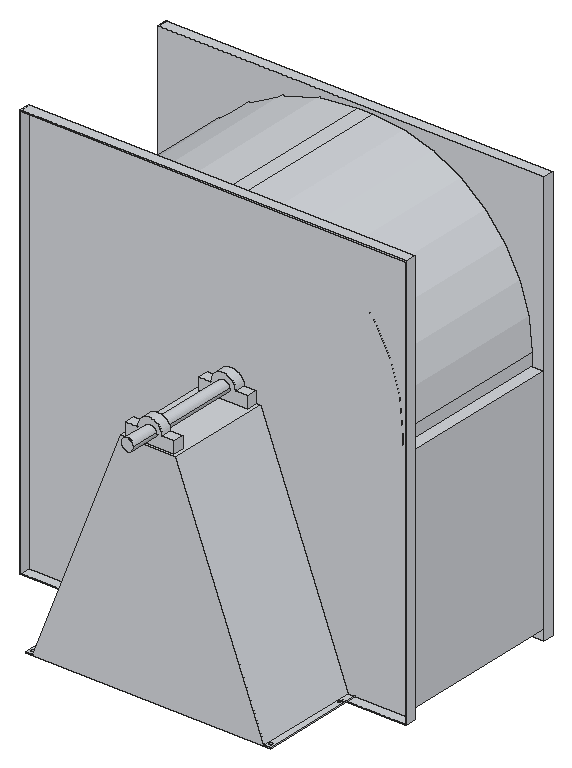
Revit family "CA-4_SWSI_ARR_1_CCW_BHD", category Mechanical Equipment, Revit 2019
Family settings
  Round Connector Dimension = Use Radius
  Part Type = Normal
  Work Plane-Based = No
  Always vertical = Yes
  Cut with Voids When Loaded = No
  Shared = No
  Room Calculation Point = No
Parameters (values of type "600_CA-4_SWSI_ARR_1_CCW_BHD_CLASS_2")
  S = 32"
  R = 49 5/16"
  P = 24 21/32"
  O/2 = O / 2  # 17/32"
  O = 1 1/16"
  ModelID [instance] = ""
  H = 51 5/8"
  E = 49 3/4"
  Accessories [instance] = ""
  ARR_1_U-D = ARR_1_U - D  # 34 3/8"
  ARR_1_K-D = ARR_1_K - D  # 27"
  ARR_1_J/2 = ARR_1_J / 2  # 1 23/32"
  ARR_1_J = 3 7/16"
  MOTOR_RAD = ARR_1_J * 3  # 10 5/16"
  M = 66 11/16"
  L = 10"
  K = 56 11/16"
  J = 3"
  INLET_RAD/2 = INLET_RAD / 2  # 16 1/2"
  INLET_RAD+1.5" = INLET_RAD + 1 1/2"  # 34 1/2"
  INLET_RAD = INLET_DIA / 2  # 33"
  INLET_DIA = 66"
  HH = H  # 51 5/8"
  G/5 = G / 5  # 21.925"
  G = 109 5/8"
  F = 118"
  Unit Weight [instance] = ""
  Sones [instance] = ""
  Motor RPM [instance] = ""
  Motor Enclosure [instance] = ""
  LwA [instance] = ""
  Fan RPM [instance] = ""
  E-(INLET_RAD+1.5") = F - E - (INLET_RAD + 1 1/2")  # 33 3/4"
  E+(INLET_RAD+1.5") = F - E + (INLET_RAD + 1 1/2")  # 102 3/4"
  F-E = F - E  # 68 1/4"
  D-((D-B)/2) = D - ((D - B) / 2)  # 48 13/16"
  D = 51 13/16"
  B = 45 13/16"
  ARR_2_L-ARR_2_K = ARR_2_L - ARR_2_K  # 26 7/8"
  ARR_2_L = 34 3/8"
  ARR_2_K = 7 1/2"
  ARR_1_V = 7 1/2"
  ARR_1_U = 86 3/16"
  ARR_1_N = 24 9/16"
  ARR_1_M = 1 1/4"
  ARR_1_K = 78 13/16"
  ARR_1_H = 33 3/4"
  ARR_1_G = 34 3/4"
  A = 65 5/8"
  3" = 3"  # constant formula
  Brake Hp [instance] = ""
  4" = 4"  # constant formula
  2ARR_1_J+1" = ARR_1_J + ARR_1_J + 1"  # 7 7/8"
  2ARR_1_J = ARR_1_J + ARR_1_J  # 6 7/8"
  2' = 24"
  2" = 2"  # constant formula
  1" = 1"  # constant formula
  0 = 0"  # constant formula
  Voltage [instance] = 0 V
  URL = "www.lorencook.com"
  Type Comments = "Airfoil Centrifugal Blower Arrangement 1 Counter-Clockwise Bottom Horizontal Discharge"  # constant formula
  Static Pressure [instance] = 0.00 in-wg
  Power [instance] = Voltage * Motor FLA * sqrt(if(Phase = 3, 3, 1))  # 0 VA
  Phase [instance] = 0
  Number of Poles [instance] = 1
  Motor Hp [instance] = "0"
  Motor FLA [instance] = 0 A
  Model = "CA-4 SWSI ARR 1 CCW BHD CLASS 2"
  Manufacturer = "Loren Cook Company"
  CFM [instance] = 0 CFM
  1.5 = 1 1/2"  # constant formula
  ONE EIGTH = 1/8"  # constant formula
  -ARR_1_J = -ARR_1_J  # -3 7/16"
  -(ARR_2_L - ARR_2_K) = -(ARR_2_L - ARR_2_K)  # -26 7/8"
  -(((K-B)/2)-.125") = -(((K - B) / 2) - 1/8")  # -5 5/16"
  -(((D - B) / 2) - 1/8") = -(((D - B) / 2) - 1/8")  # -2 7/8"
  (R-B)/2 = (R - B) / 2  # 1 3/4"
  ((K-B)/2)+B = ((K - B) / 2) + B  # 51 1/4"
  (D-B)/2 = (D - B) / 2  # 3"
  -(((K-B)/2)+L) = -(((K - B) / 2) + L)  # -15 7/16"
  ((D-B)/2)-.125" = ((D - B) / 2) - 1/8"  # 2 7/8"
Reference planes (in)
  plane 1 "Center (Front/Back)": y = 0
  plane 2: z = 0
  plane 3 "Center (Left/Right)": x = 0.40541
Forms (in)
  Extrusion 1, solid
    sketch origin (0, 0, 0) x (1, 0, 0) y (0, 0, 1)
      loop
        line (-57.59459, 0) -> (52.03041, 0) -> (52.03041, 118) -> (-57.59459, 118) -> (-57.59459, 0)
    from 0 to 3 <- "(D-B)/2"
  Extrusion 2, solid
    sketch origin (0, 0, 0) x (1, 0, 0) y (0, 0, 1)
      loop
        line (-57.59459, 118) -> (-57.59459, 0) -> (52.03041, 0) -> (52.03041, 118) -> (-57.59459, 118)
    from 51.8125 <- "D" to 48.8125 <- "D-((D-B)/2)"
  Extrusion 3, void
    sketch origin (0, 0, 0) x (1, 0, 0) y (0, 0, 1)
      loop
        line (-57.46959, 117.875) -> (-57.46959, 0.125) -> (51.90541, 0.125) -> (51.90541, 117.875) -> (-57.46959, 117.875)
    from 0 to 2.875 <- "((D-B)/2)-.125""
  Extrusion 4, void
    sketch origin (0, -51.8125, 0) x (-1, 0, 0) y (0, 0, 1)
      loop
        line (57.46959, 117.875) -> (-51.90541, 117.875) -> (-51.90541, 0.125) -> (57.46959, 0.125) -> (57.46959, 117.875)
    from 0 to 2.875 <- "((D-B)/2)-.125""
  Extrusion 5, solid
    sketch origin (0, -3, 0) x (1, 0, 0) y (0, 0, 1)
      loop
        line (-0.59459, 3) -> (52.03041, 3) -> (52.03041, 68.625) -> (48.59291, 68.625) -> (48.59291, 72.0625)
        arc (48.59291, 72.0625) -> (35.43102, 103.83811) -> (3.65541, 117) r 44.9375
        line (3.65541, 117) -> (-0.59459, 117)
        arc (-0.59459, 117) -> (-40.19257, 100.59798) -> (-56.59459, 61) r 56
        line (-56.59459, 61) -> (-56.59459, 59)
        arc (-56.59459, 59) -> (-40.19257, 19.40202) -> (-0.59459, 3) r 56
    from 0 to 45.8125 <- "B"
  Extrusion 6, solid
    sketch origin (0, -51.8125, 0) x (1, 0, 0) y (0, 0, 1)
      loop
        circle (0.40541, 68.25) r 1.71875
    from -2.875 <- "-(((D - B) / 2) - 1/8")" to 34.375 <- "ARR_1_U-D"
  Extrusion 7, void
    sketch origin (0, 0, 0) x (1, 0, 0) y (0, 1, 0)
      loop
        circle (-31.59459, -1.25) r 0.53125
      loop
        circle (32.40541, -1.25) r 0.53125
      loop
        circle (32.40541, -50.5625) r 0.53125
      loop
        circle (-31.59459, -50.5625) r 0.53125
    from -0.25 to 0.25
  Revolve 8, void
    sketch origin (0.40541, 0, 0) x (0, 1, 0) y (0, 0, 1)
      loop
        arc (-2.875, 101.25) -> (-7.70774, 89.58274) -> (-19.375, 84.75) r 16.5
        line (-19.375, 84.75) -> (-19.375, 69.96875) -> (-2.875, 69.96875) -> (-2.875, 101.25)
      axis (-19.375, 68.25) -> (-2.875, 68.25)
    angle from 0 to 360
  Extrusion 9, solid
    sketch origin (0, -51.8125, 0) x (1, 0, 0) y (0, 0, 1)
      loop
        line (-34.34459, 0) -> (35.15541, 0) -> (35.15541, 0.125) -> (33.15541, 0.125) -> (8.28041, 64.8125) -> (-7.46959, 64.8125) -> (-32.34459, 0.125) -> (-34.34459, 0.125) -> (-34.34459, 0)
    from -2.875 <- "-(((D - B) / 2) - 1/8")" to 27 <- "ARR_1_K-D"
  Extrusion 10, solid
    sketch origin (0, -78.8125, 0) x (1, 0, 0) y (0, 0, 1)
      loop
        line (-6.46959, 64.8125) -> (7.28041, 64.8125) -> (7.28041, 68.25) -> (3.84291, 68.25)
        arc (3.84291, 68.25) -> (0.40541, 71.6875) -> (-3.03209, 68.25) r 3.4375
        line (-3.03209, 68.25) -> (-6.46959, 68.25) -> (-6.46959, 64.8125)
      loop
        circle (0.40541, 68.25) r 1.71875
    from -3.4375 <- "-ARR_1_J" to -0.5
  Extrusion 11, solid
    sketch origin (0, -48.8125, 0) x (-1, 0, 0) y (0, 0, 1)
      loop
        line (6.46959, 68.25) -> (3.03209, 68.25)
        arc (3.03209, 68.25) -> (-0.40541, 71.6875) -> (-3.84291, 68.25) r 3.4375
        line (-3.84291, 68.25) -> (-7.28041, 68.25) -> (-7.28041, 64.8125) -> (6.46959, 64.8125) -> (6.46959, 68.25)
      loop
        circle (-0.40541, 68.25) r 1.71875
    from -0.5 to -3.4375 <- "-ARR_1_J"
  Extrusion 12, void
    sketch origin (0, 0, 0) x (1, 0, 0) y (0, 1, 0)
      loop
        circle (34.15541, -53) r 0.53125
      loop
        circle (34.15541, -77.5625) r 0.53125
      loop
        circle (-33.34459, -77.5625) r 0.53125
      loop
        circle (-33.34459, -53) r 0.53125
    from 0.25 to -0.25
Cuts and joins
  Extrusion 3, Extrusion 7, Revolve 8 cuts Extrusion 1
  Extrusion 4, Extrusion 7 cuts Extrusion 2
  Revolve 8 cuts Extrusion 5
  Extrusion 12 cuts Extrusion 9
Dimensions and locks (in)
  "0": Extrusion 1 sketch curve to level
  "F": Extrusion 1 sketch curve to Extrusion 1 sketch curve
  "HH": Extrusion 1 sketch curve to plane 3 "Center (Left/Right)"
  "G": Extrusion 1 sketch curve to Extrusion 1 sketch curve
  "0": Extrusion 2 sketch curve to level
  "0": Extrusion 1 to Extrusion 2 sketch curve  (x2)
  "0": Extrusion 2 sketch curve to Extrusion 1
  "ONE EIGTH": Extrusion 2 to Extrusion 3 sketch curve  (x2)
  "ONE EIGTH": Extrusion 3 sketch curve to Extrusion 2
  "ONE EIGTH": Extrusion 3 sketch curve to level
  "ONE EIGTH": Extrusion 4 sketch curve to Extrusion 2  (x2)
  "ONE EIGTH": Extrusion 2 to Extrusion 4 sketch curve
  "ONE EIGTH": Extrusion 4 sketch curve to level
  "A": Extrusion 5 sketch curve to Extrusion 5 sketch curve
  "F-E": Extrusion 6 sketch curve to level
  "0": Extrusion 6 sketch curve to plane 3 "Center (Left/Right)"
  "S": Extrusion 7 sketch curve to plane 3 "Center (Left/Right)"  (x2)
  "S": plane 3 "Center (Left/Right)" to Extrusion 7 sketch curve  (x2)
  "(R-B)/2": cut or joined group of Extrusion 1, Extrusion 3, Extrusion 7, Revolve 8 to Extrusion 7 sketch curve  (x2)
  "(R-B)/2": cut or joined group of Extrusion 2, Extrusion 4, Extrusion 7 to Extrusion 7 sketch curve  (x2)
  "F-E": Revolve 8 sketch curve to level
  "ARR_1_J/2": Revolve 8 sketch curve to Revolve 8 sketch curve
  "INLET_RAD/2": Revolve 8 sketch curve to Revolve 8 sketch curve  (x2)
  "INLET_RAD": Revolve 8 sketch curve to Revolve 8 sketch curve
  "0": Revolve 8 sketch curve to cut or joined group of Extrusion 1, Extrusion 3, Extrusion 7, Revolve 8
  "ARR_1_G": Extrusion 9 sketch curve to plane 3 "Center (Left/Right)"
  "ARR_1_G": plane 3 "Center (Left/Right)" to Extrusion 9 sketch curve
  "2ARR_1_J+1"": Extrusion 9 sketch curve to plane 3 "Center (Left/Right)"
  "2ARR_1_J+1"": plane 3 "Center (Left/Right)" to Extrusion 9 sketch curve
  "2"": Extrusion 9 sketch curve to Extrusion 9 sketch curve  (x2)
  "0": Extrusion 9 sketch curve to level
  "ONE EIGTH": Extrusion 9 sketch curve to Extrusion 9 sketch curve  (x2)
  "ARR_1_J/2": Extrusion 6 to Extrusion 9 sketch curve
  "2ARR_1_J": Extrusion 10 sketch curve to plane 3 "Center (Left/Right)"
  "2ARR_1_J": plane 3 "Center (Left/Right)" to Extrusion 10 sketch curve
  "0": Extrusion 10 sketch curve to Extrusion 9
  "ARR_1_J": Extrusion 10 sketch curve to Extrusion 10 sketch curve
  "0": Extrusion 10 sketch curve to plane 3 "Center (Left/Right)"
  "0": plane 3 "Center (Left/Right)" to Extrusion 10 sketch curve
  "0": Extrusion 10 sketch curve to Extrusion 10 sketch curve
  "0": Extrusion 11 sketch curve to Extrusion 9
  "ARR_1_J": Extrusion 11 sketch curve to Extrusion 11 sketch curve  (x2)
  "0": Extrusion 11 sketch curve to Extrusion 11 sketch curve
  "2ARR_1_J": plane 3 "Center (Left/Right)" to Extrusion 11 sketch curve
  "2ARR_1_J": Extrusion 11 sketch curve to plane 3 "Center (Left/Right)"
  "0": Extrusion 11 sketch curve to plane 3 "Center (Left/Right)"
  "0": plane 3 "Center (Left/Right)" to Extrusion 11 sketch curve
  "0": Extrusion 11 sketch curve to Extrusion 10
  "ARR_1_H": plane 3 "Center (Left/Right)" to Extrusion 12 sketch curve  (x2)
  "ARR_1_H": Extrusion 12 sketch curve to plane 3 "Center (Left/Right)"  (x2)
  "ARR_1_M": Extrusion 9 to Extrusion 12 sketch curve  (x2)
  "ARR_1_N": Extrusion 12 sketch curve to Extrusion 12 sketch curve  (x2)
  "J": Extrusion 5 sketch curve to level
  "1"": cut or joined group of Extrusion 2, Extrusion 4, Extrusion 7 to Extrusion 5 sketch curve  (x2)
  "0": cut or joined group of Extrusion 2, Extrusion 4, Extrusion 7 to Extrusion 5 sketch curve
  "ARR_1_J": cut or joined group of Extrusion 2, Extrusion 4, Extrusion 7 to Extrusion 5 sketch curve
  "ARR_1_J": Extrusion 5 sketch curve to Extrusion 5 sketch curve
  "1"": plane 3 "Center (Left/Right)" to Extrusion 5 sketch curve  (x2)
  "ARR_1_J/2": radius of Extrusion 6 sketch curve
  "O/2": radius of Extrusion 7 sketch curve  (x4)
  "ARR_1_J": radius of Extrusion 10 sketch curve
  "ARR_1_J/2": radius of Extrusion 10 sketch curve
  "ARR_1_J": radius of Extrusion 11 sketch curve
  "ARR_1_J/2": radius of Extrusion 11 sketch curve
  "O/2": radius of Extrusion 12 sketch curve  (x4)
Automatic sketch dimensions
  Revolve 8 sketch curve to Revolve 8 sketch curve = 53.38466"
  Revolve 8 sketch curve to plane 1 "Center (Front/Back)" = 17.32447"
Connectors (in)
  hvac at (52.03041, -25.90625, 35.8125), driven by "CFM", driven by "A", driven by "B"
    settings: on cut or joined group of Extrusion 5, Revolve 8, index 1, duct flow 0 CFM, flow factor 0, pres drop 0.00 in-wg, loss coef 0, conn angle 0.00°, conn width 45 13/16", conn height 65 5/8", conn diameter 24", duct sys type 29, conn prof type 1, flow config 0, flow direction 2, loss method 0, conn ref index -1, conn util no, is conn primary yes, conn desc ""
  hvac at (0.40541, -3, 68.25), driven by "CFM", driven by "INLET_RAD"
    settings: on cut or joined group of Extrusion 1, Extrusion 3, Extrusion 7, Revolve 8, index 2, duct flow 0 CFM, flow factor 0, pres drop 0.00 in-wg, loss coef 0, conn angle 0.00°, conn width 12", conn height 12", conn diameter 66", duct sys type 29, conn prof type 0, flow config 0, flow direction 1, loss method 0, conn ref index -1, conn util no, is conn primary no, conn desc ""
Types (55): name | S | R | P | O/2 | O | H | E | ARR_1_U-D | ARR_1_K-D | ARR_1_J/2 | ARR_1_J | MOTOR_RAD | M | L | K | J | INLET_RAD/2 | INLET_RAD+1.5" | INLET_RAD | INLET_DIA | HH | G/5 | G | F | E-(INLET_RAD+1.5") | E+(INLET_RAD+1.5") | F-E | D-((D-B)/2) | D | B | ARR_2_L-ARR_2_K | ARR_2_L | ARR_2_K | ARR_1_V | ARR_1_U | ARR_1_N | ARR_1_M | ARR_1_K | ARR_1_H | ARR_1_G | A | 2ARR_1_J+1" | 2ARR_1_J | Model | -ARR_1_J | -(ARR_2_L - ARR_2_K) | -(((K-B)/2)-.125") | -(((D - B) / 2) - 1/8") | (R-B)/2 | ((K-B)/2)+B | (D-B)/2 | -(((K-B)/2)+L) | ((D-B)/2)-.125"
  (no name) | 32" | 49 5/16" | 24 21/32" | 17/32" | 1 1/16" | 51 5/8" | 49 3/4" | 34 3/8" | 27" | 1 23/32" | 3 7/16" | 10 5/16" | 66 11/16" | 10" | 56 11/16" | 3" | 16 1/2" | 34 1/2" | 33" | 66" | 51 5/8" | 21.925" | 109 5/8" | 118" | 33 3/4" | 102 3/4" | 68 1/4" | 48 13/16" | 51 13/16" | 45 13/16" | 26 7/8" | 34 3/8" | 7 1/2" | 7 1/2" | 86 3/16" | 24 9/16" | 1 1/4" | 78 13/16" | 33 3/4" | 34 3/4" | 65 5/8" | 7 7/8" | 6 7/8" | "CA-4 SWSI ARR 1 CCW BHD CLASS 2" | -3 7/16" | -26 7/8" | -5 5/16" | -2 7/8" | 1 3/4" | 51 1/4" | 3" | -15 7/16" | 2 7/8"
  120_CA-4_SWSI_ARR_1_CCW_BHD_CLASS_1 | 7 1/2" | 11 7/16" | 5 23/32" | 11/32" | 11/16" | 10 3/8" | 10 3/4" | 21 5/8" | 17 5/8" | 19/32" | 1 3/16" | 3 9/16" | 18 7/8" | 3" | 15 7/8" | 2" | 4 1/16" | 9 5/8" | 8 1/8" | 16 1/4" | 10 3/8" | 4.55" | 22 3/4" | 25 3/4" | 5 3/8" | 24 5/8" | 15" | 11 3/16" | 13 3/16" | 9 3/16" | 17 5/8" | 21 5/8" | 4" | 4" | 34 13/16" | 15 1/8" | 1" | 30 13/16" | 8 7/16" | 9 3/16" | 13 1/8" | 3 3/8" | 2 3/8" | "CA-4 SWSI ARR 1 CCW BHD CLASS 1" | -1 3/16" | -17 5/8" | -3 7/32" | -1 7/8" | 1 1/8" | 12 17/32" | 2" | -6 11/32" | 1 7/8"
  135_CA-4_SWSI_ARR_1_CCW_BHD_CLASS_1 | 8 1/2" | 12 9/16" | 6 9/32" | 11/32" | 11/16" | 11 5/8" | 12" | 21 5/8" | 17 5/8" | 19/32" | 1 3/16" | 3 9/16" | 20" | 3" | 17" | 2" | 4 7/16" | 10 3/8" | 8 7/8" | 17 3/4" | 11 5/8" | 5.1" | 25 1/2" | 28 3/4" | 6 3/8" | 27 1/8" | 16 3/4" | 12 5/16" | 14 5/16" | 10 5/16" | 17 5/8" | 21 5/8" | 4" | 4" | 35 15/16" | 15 1/8" | 1" | 31 15/16" | 9 3/16" | 9 15/16" | 14 3/4" | 3 3/8" | 2 3/8" | "CA-4 SWSI ARR 1 CCW BHD CLASS 1" | -1 3/16" | -17 5/8" | -3 7/32" | -1 7/8" | 1 1/8" | 13 21/32" | 2" | -6 11/32" | 1 7/8"
  150_CA-4_SWSI_ARR_1_CCW_BHD_CLASS_1 | 9" | 13 11/16" | 6 27/32" | 11/32" | 11/16" | 12 7/8" | 13 1/4" | 21 5/8" | 17 5/8" | 19/32" | 1 3/16" | 3 9/16" | 21 1/8" | 3" | 18 1/8" | 2" | 4 13/16" | 11 1/8" | 9 5/8" | 19 1/4" | 12 7/8" | 5 5/8" | 28 1/8" | 31 5/8" | 7 1/4" | 29 1/2" | 18 3/8" | 13 7/16" | 15 7/16" | 11 7/16" | 17 5/8" | 21 5/8" | 4" | 4" | 37 1/16" | 15 1/8" | 1" | 33 1/16" | 9 15/16" | 10 11/16" | 16 7/16" | 3 3/8" | 2 3/8" | "CA-4 SWSI ARR 1 CCW BHD CLASS 1" | -1 3/16" | -17 5/8" | -3 7/32" | -1 7/8" | 1 1/8" | 14 25/32" | 2" | -6 11/32" | 1 7/8"
  165_CA-4_SWSI_ARR_1_CCW_BHD_CLASS_1 | 10" | 14 7/8" | 7 7/16" | 11/32" | 11/16" | 14 1/4" | 14 3/8" | 21 5/8" | 17 5/8" | 19/32" | 1 3/16" | 3 9/16" | 23 15/16" | 4" | 19 5/16" | 2" | 5 5/16" | 12 1/8" | 10 5/8" | 21 1/4" | 14 1/4" | 6.175" | 30 7/8" | 34 3/8" | 7 7/8" | 32 1/8" | 20" | 14 5/8" | 16 5/8" | 12 5/8" | 17 5/8" | 21 5/8" | 4" | 4" | 38 1/4" | 15 1/8" | 1" | 34 1/4" | 10 15/16" | 11 11/16" | 18 1/16" | 3 3/8" | 2 3/8" | "CA-4 SWSI ARR 1 CCW BHD CLASS 1" | -1 3/16" | -17 5/8" | -3 7/32" | -1 7/8" | 1 1/8" | 15 31/32" | 2" | -7 11/32" | 1 7/8"
  180_CA-4_SWSI_ARR_1_CCW_BHD_CLASS_1 | 11" | 16" | 8" | 11/32" | 11/16" | 15 1/2" | 15 5/8" | 24 3/8" | 20 1/8" | 19/32" | 1 3/16" | 3 9/16" | 24 15/16" | 4 1/2" | 20 7/16" | 2" | 5 11/16" | 12 7/8" | 11 3/8" | 22 3/4" | 15 1/2" | 6.725" | 33 5/8" | 37 1/8" | 8 5/8" | 34 3/8" | 21 1/2" | 15 3/4" | 17 3/4" | 13 3/4" | 20 1/8" | 24 3/8" | 4 1/4" | 4 1/4" | 42 1/8" | 17 5/8" | 1" | 37 7/8" | 11 11/16" | 12 7/16" | 19 11/16" | 3 3/8" | 2 3/8" | "CA-4 SWSI ARR 1 CCW BHD CLASS 1" | -1 3/16" | -20 1/8" | -3 7/32" | -1 7/8" | 1 1/8" | 17 3/32" | 2" | -7 27/32" | 1 7/8"
  195_CA-4_SWSI_ARR_1_CCW_BHD_CLASS_1 | 11 1/2" | 17 3/16" | 8 19/32" | 11/32" | 11/16" | 16 3/4" | 16 3/4" | 24 3/8" | 20 1/8" | 19/32" | 1 3/16" | 3 9/16" | 27 3/16" | 4 1/2" | 22 11/16" | 2" | 6 1/16" | 13 5/8" | 12 1/8" | 24 1/4" | 16 3/4" | 7 1/4" | 36 1/4" | 40" | 9 5/8" | 36 7/8" | 23 1/4" | 16 15/16" | 18 15/16" | 14 15/16" | 20 1/8" | 24 3/8" | 4 1/4" | 4 1/4" | 43 5/16" | 17 5/8" | 1" | 39 1/16" | 12 7/16" | 13 3/16" | 21 5/16" | 3 3/8" | 2 3/8" | "CA-4 SWSI ARR 1 CCW BHD CLASS 1" | -1 3/16" | -20 1/8" | -3 3/4" | -1 7/8" | 1 1/8" | 18 13/16" | 2" | -8 3/8" | 1 7/8"
  210_CA-4_SWSI_ARR_1_CCW_BHD_CLASS_1 | 12" | 18 5/16" | 9 5/32" | 13/32" | 13/16" | 18 1/8" | 18" | 26 3/8" | 22 1/8" | 23/32" | 1 7/16" | 4 5/16" | 28 13/16" | 5" | 23 13/16" | 2" | 6 1/2" | 14 1/2" | 13" | 26" | 18 1/8" | 7.825" | 39 1/8" | 42 7/8" | 10 3/8" | 39 3/8" | 24 7/8" | 18 1/16" | 20 1/16" | 16 1/16" | 23 1/8" | 27 3/8" | 4 1/4" | 4 1/4" | 46 7/16" | 19 9/16" | 1" | 42 3/16" | 13 5/16" | 14 1/16" | 23" | 3 7/8" | 2 7/8" | "CA-4 SWSI ARR 1 CCW BHD CLASS 1" | -1 7/16" | -23 1/8" | -3 3/4" | -1 7/8" | 1 1/8" | 19 15/16" | 2" | -8 7/8" | 1 7/8"
  225_CA-4_SWSI_ARR_1_CCW_BHD_CLASS_1 | 12 1/2" | 19 7/16" | 9 23/32" | 13/32" | 13/16" | 19 3/8" | 19 1/4" | 26 3/8" | 22 1/8" | 23/32" | 1 7/16" | 4 5/16" | 29 15/16" | 5" | 24 15/16" | 2" | 6 7/8" | 15 1/4" | 13 3/4" | 27 1/2" | 19 3/8" | 8.35" | 41 3/4" | 45 3/4" | 11 1/4" | 41 3/4" | 26 1/2" | 19 3/16" | 21 3/16" | 17 3/16" | 23 1/8" | 27 3/8" | 4 1/4" | 4 1/4" | 47 9/16" | 19 9/16" | 1" | 43 5/16" | 14 1/16" | 14 13/16" | 24 5/8" | 3 7/8" | 2 7/8" | "CA-4 SWSI ARR 1 CCW BHD CLASS 1" | -1 7/16" | -23 1/8" | -3 3/4" | -1 7/8" | 1 1/8" | 21 1/16" | 2" | -8 7/8" | 1 7/8"
  245_CA-4_SWSI_ARR_1_CCW_BHD_CLASS_1 | 13 1/2" | 21" | 10 1/2" | 13/32" | 13/16" | 21 1/8" | 20 7/8" | 27 13/16" | 22 5/8" | 27/32" | 1 11/16" | 5 1/16" | 32" | 5 1/2" | 26 1/2" | 2" | 7 3/8" | 16 1/4" | 14 3/4" | 29 1/2" | 21 1/8" | 9.075" | 45 3/8" | 49 1/2" | 12 3/8" | 44 7/8" | 28 5/8" | 20 3/4" | 22 3/4" | 18 3/4" | 22 9/16" | 27 13/16" | 5 1/4" | 5 1/4" | 50 9/16" | 20 1/8" | 1" | 45 3/8" | 15 1/16" | 15 13/16" | 26 13/16" | 4 3/8" | 3 3/8" | "CA-4 SWSI ARR 1 CCW BHD CLASS 1" | -1 11/16" | -22 9/16" | -3 3/4" | -1 7/8" | 1 1/8" | 22 5/8" | 2" | -9 3/8" | 1 7/8"
  270_CA-4_SWSI_ARR_1_CCW_BHD_CLASS_1 | 15" | 22 7/8" | 11 7/16" | 13/32" | 13/16" | 23 1/4" | 23 3/8" | 27 13/16" | 22 5/8" | 27/32" | 1 11/16" | 5 1/16" | 34 3/8" | 6" | 28 3/8" | 2" | 8" | 17 1/2" | 16" | 32" | 23 1/4" | 9.975" | 49 7/8" | 54 3/4" | 13 7/8" | 48 7/8" | 31 3/8" | 22 5/8" | 24 5/8" | 20 5/8" | 22 9/16" | 27 13/16" | 5 1/4" | 5 1/4" | 52 7/16" | 20 1/8" | 1" | 47 1/4" | 16 7/16" | 17 3/16" | 29 9/16" | 4 3/8" | 3 3/8" | "CA-4 SWSI ARR 1 CCW BHD CLASS 1" | -1 11/16" | -22 9/16" | -3 3/4" | -1 7/8" | 1 1/8" | 24 1/2" | 2" | -9 7/8" | 1 7/8"
  300_CA-4_SWSI_ARR_1_CCW_BHD_CLASS_1 | 16 1/2" | 25 3/16" | 12 19/32" | 13/32" | 13/16" | 25 7/8" | 25 3/8" | 30 3/4" | 24 7/8" | 31/32" | 1 15/16" | 5 13/16" | 37 3/16" | 6 1/2" | 30 11/16" | 2" | 8 3/4" | 19" | 17 1/2" | 35" | 25 7/8" | 11.075" | 55 3/8" | 60" | 15 5/8" | 53 5/8" | 34 5/8" | 24 15/16" | 26 15/16" | 22 15/16" | 24 7/8" | 30 3/4" | 5 7/8" | 5 7/8" | 57 11/16" | 22 3/8" | 1" | 51 13/16" | 17 15/16" | 18 11/16" | 32 13/16" | 4 7/8" | 3 7/8" | "CA-4 SWSI ARR 1 CCW BHD CLASS 1" | -1 15/16" | -24 7/8" | -3 3/4" | -1 7/8" | 1 1/8" | 26 13/16" | 2" | -10 3/8" | 1 7/8"
  330_CA-4_SWSI_ARR_1_CCW_BHD_CLASS_1 | 18" | 27 1/2" | 13 3/4" | 13/32" | 13/16" | 28 3/8" | 27 7/8" | 30 3/4" | 24 7/8" | 31/32" | 1 15/16" | 5 13/16" | 40" | 7" | 33" | 2" | 9 1/2" | 20 1/2" | 19" | 38" | 28 3/8" | 12.15" | 60 3/4" | 65 3/4" | 17 3/8" | 58 3/8" | 37 7/8" | 27 1/4" | 29 1/4" | 25 1/4" | 24 7/8" | 30 3/4" | 5 7/8" | 5 7/8" | 60" | 22 3/8" | 1" | 54 1/8" | 19 7/16" | 20 3/16" | 36 1/8" | 4 7/8" | 3 7/8" | "CA-4 SWSI ARR 1 CCW BHD CLASS 1" | -1 15/16" | -24 7/8" | -3 3/4" | -1 7/8" | 1 1/8" | 29 1/8" | 2" | -10 7/8" | 1 7/8"
  365_CA-4_SWSI_ARR_1_CCW_BHD_CLASS_1 | 20" | 30 1/8" | 15 1/16" | 13/32" | 13/16" | 31 3/8" | 30 5/8" | 33" | 27 1/8" | 1 3/32" | 2 3/16" | 6 9/16" | 43 1/8" | 7 1/2" | 35 5/8" | 2" | 10 3/8" | 22 1/4" | 20 3/4" | 41 1/2" | 31 3/8" | 13.4" | 67" | 72 3/8" | 19 1/2" | 64" | 41 3/4" | 29 7/8" | 31 7/8" | 27 7/8" | 27 1/8" | 33" | 5 7/8" | 5 7/8" | 64 7/8" | 24 5/8" | 1" | 59" | 21 11/16" | 22 7/16" | 39 15/16" | 5 3/8" | 4 3/8" | "CA-4 SWSI ARR 1 CCW BHD CLASS 1" | -2 3/16" | -27 1/8" | -3 3/4" | -1 7/8" | 1 1/8" | 31 3/4" | 2" | -11 3/8" | 1 7/8"
  402_CA-4_SWSI_ARR_1_CCW_BHD_CLASS_1 | 22" | 34 1/4" | 17 1/8" | 17/32" | 1 1/16" | 34 5/8" | 33 5/8" | 31 5/16" | 26 3/16" | 1 3/32" | 2 3/16" | 6 9/16" | 46 5/8" | 8" | 38 5/8" | 3" | 11 5/16" | 24 1/8" | 22 5/8" | 45 1/4" | 34 5/8" | 14.775" | 73 7/8" | 80 3/8" | 22 5/8" | 70 7/8" | 46 3/4" | 33 3/4" | 36 3/4" | 30 3/4" | 25 7/16" | 31 5/16" | 5 7/8" | 5 7/8" | 68 1/16" | 23 13/16" | 1 1/4" | 62 15/16" | 22 3/8" | 24 3/8" | 44 1/16" | 5 3/8" | 4 3/8" | "CA-4 SWSI ARR 1 CCW BHD CLASS 1" | -2 3/16" | -25 7/16" | -3 13/16" | -2 7/8" | 1 3/4" | 34 11/16" | 3" | -11 15/16" | 2 7/8"
  445_CA-4_SWSI_ARR_1_CCW_BHD_CLASS_1 | 24" | 37 1/2" | 18 3/4" | 17/32" | 1 1/16" | 38 1/4" | 37 1/8" | 33 1/16" | 26 15/16" | 1 7/32" | 2 7/16" | 7 5/16" | 50 3/8" | 8 1/2" | 41 7/8" | 3" | 12 3/8" | 26 1/4" | 24 3/4" | 49 1/2" | 38 1/4" | 16.3" | 81 1/2" | 88 1/2" | 25 1/8" | 77 5/8" | 51 3/8" | 37" | 40" | 34" | 26 11/16" | 33 1/16" | 6 3/8" | 6 3/8" | 73 1/16" | 24 9/16" | 1 1/4" | 66 15/16" | 25 1/2" | 26 1/2" | 48 11/16" | 5 7/8" | 4 7/8" | "CA-4 SWSI ARR 1 CCW BHD CLASS 1" | -2 7/16" | -26 11/16" | -3 13/16" | -2 7/8" | 1 3/4" | 37 15/16" | 3" | -12 7/16" | 2 7/8"
  490_CA-4_SWSI_ARR_1_CCW_BHD_CLASS_1 | 26 1/2" | 40 15/16" | 20 15/32" | 17/32" | 1 1/16" | 42 1/4" | 40 3/4" | 33 1/16" | 26 15/16" | 1 7/32" | 2 7/16" | 7 5/16" | 55 5/16" | 9" | 46 5/16" | 3" | 13 3/4" | 29" | 27 1/2" | 55" | 42 1/4" | 17.95" | 89 3/4" | 97" | 27 1/4" | 85 1/4" | 56 1/4" | 40 7/16" | 43 7/16" | 37 7/16" | 26 11/16" | 33 1/16" | 6 3/8" | 6 3/8" | 76 1/2" | 24 9/16" | 1 1/4" | 70 3/8" | 28 1/4" | 29 1/4" | 53 5/8" | 5 7/8" | 4 7/8" | "CA-4 SWSI ARR 1 CCW BHD CLASS 1" | -2 7/16" | -26 11/16" | -4 5/16" | -2 7/8" | 1 3/4" | 41 7/8" | 3" | -13 7/16" | 2 7/8"
  540_CA-4_SWSI_ARR_1_CCW_BHD_CLASS_1 | 29" | 44 3/4" | 22 3/8" | 17/32" | 1 1/16" | 46 1/2" | 44 7/8" | 34 3/8" | 27" | 1 15/32" | 2 15/16" | 8 13/16" | 61 5/8" | 9 1/2" | 52 1/8" | 3" | 15" | 31 1/2" | 30" | 60" | 46 1/2" | 19 3/4" | 98 3/4" | 106 5/8" | 30 1/4" | 93 1/4" | 61 3/4" | 44 1/4" | 47 1/4" | 41 1/4" | 26 7/8" | 34 3/8" | 7 1/2" | 7 1/2" | 81 5/8" | 24 9/16" | 1 1/4" | 74 1/4" | 30 3/4" | 31 3/4" | 59 1/16" | 6 7/8" | 5 7/8" | "CA-4 SWSI ARR 1 CCW BHD CLASS 1" | -2 15/16" | -26 7/8" | -5 5/16" | -2 7/8" | 1 3/4" | 46 11/16" | 3" | -14 15/16" | 2 7/8"
  600_CA-4_SWSI_ARR_1_CCW_BHD_CLASS_1 | 32" | 49 5/16" | 24 21/32" | 17/32" | 1 1/16" | 51 5/8" | 49 3/4" | 34 3/8" | 27" | 1 15/32" | 2 15/16" | 8 13/16" | 66 11/16" | 10" | 56 11/16" | 3" | 16 1/2" | 34 1/2" | 33" | 66" | 51 5/8" | 21.925" | 109 5/8" | 118" | 33 3/4" | 102 3/4" | 68 1/4" | 48 13/16" | 51 13/16" | 45 13/16" | 26 7/8" | 34 3/8" | 7 1/2" | 7 1/2" | 86 3/16" | 24 9/16" | 1 1/4" | 78 13/16" | 33 3/4" | 34 3/4" | 65 5/8" | 6 7/8" | 5 7/8" | "CA-4 SWSI ARR 1 CCW BHD CLASS 1" | -2 15/16" | -26 7/8" | -5 5/16" | -2 7/8" | 1 3/4" | 51 1/4" | 3" | -15 7/16" | 2 7/8"
  120_CA-4_SWSI_ARR_1_CCW_BHD_CLASS_2 | 7 1/2" | 11 7/16" | 5 23/32" | 11/32" | 11/16" | 10 3/8" | 10 3/4" | 21 5/8" | 17 5/8" | 23/32" | 1 7/16" | 4 5/16" | 18 7/8" | 3" | 15 7/8" | 2" | 4 1/16" | 9 5/8" | 8 1/8" | 16 1/4" | 10 3/8" | 4.55" | 22 3/4" | 25 3/4" | 5 3/8" | 24 5/8" | 15" | 11 3/16" | 13 3/16" | 9 3/16" | 17 5/8" | 21 5/8" | 4" | 4" | 34 13/16" | 15 1/8" | 1" | 30 13/16" | 8 7/16" | 9 3/16" | 13 1/8" | 3 7/8" | 2 7/8" | "CA-4 SWSI ARR 1 CCW BHD CLASS 2" | -1 7/16" | -17 5/8" | -3 7/32" | -1 7/8" | 1 1/8" | 12 17/32" | 2" | -6 11/32" | 1 7/8"
  120_CA-4_SWSI_ARR_1_CCW_BHD_CLASS_3 | 7 1/2" | 11 7/16" | 5 23/32" | 11/32" | 11/16" | 10 3/8" | 10 3/4" | 21 5/8" | 17 5/8" | 23/32" | 1 7/16" | 4 5/16" | 18 7/8" | 3" | 15 7/8" | 2" | 4 1/16" | 9 5/8" | 8 1/8" | 16 1/4" | 10 3/8" | 4.55" | 22 3/4" | 25 3/4" | 5 3/8" | 24 5/8" | 15" | 11 3/16" | 13 3/16" | 9 3/16" | 17 5/8" | 21 5/8" | 4" | 4" | 34 13/16" | 15 1/8" | 1" | 30 13/16" | 8 7/16" | 9 3/16" | 13 1/8" | 3 7/8" | 2 7/8" | "CA-4 SWSI ARR 1 CCW BHD CLASS 3" | -1 7/16" | -17 5/8" | -3 7/32" | -1 7/8" | 1 1/8" | 12 17/32" | 2" | -6 11/32" | 1 7/8"
  135_CA-4_SWSI_ARR_1_CCW_BHD_CLASS_2 | 8 1/2" | 12 9/16" | 6 9/32" | 11/32" | 11/16" | 11 5/8" | 12" | 21 5/8" | 17 5/8" | 23/32" | 1 7/16" | 4 5/16" | 20" | 3" | 17" | 2" | 4 7/16" | 10 3/8" | 8 7/8" | 17 3/4" | 11 5/8" | 5.1" | 25 1/2" | 28 3/4" | 6 3/8" | 27 1/8" | 16 3/4" | 12 5/16" | 14 5/16" | 10 5/16" | 17 5/8" | 21 5/8" | 4" | 4" | 35 15/16" | 15 1/8" | 1" | 31 15/16" | 9 3/16" | 9 15/16" | 14 3/4" | 3 7/8" | 2 7/8" | "CA-4 SWSI ARR 1 CCW BHD CLASS 2" | -1 7/16" | -17 5/8" | -3 7/32" | -1 7/8" | 1 1/8" | 13 21/32" | 2" | -6 11/32" | 1 7/8"
  135_CA-4_SWSI_ARR_1_CCW_BHD_CLASS_3 | 8 1/2" | 12 9/16" | 6 9/32" | 11/32" | 11/16" | 11 5/8" | 12" | 21 5/8" | 17 5/8" | 23/32" | 1 7/16" | 4 5/16" | 20" | 3" | 17" | 2" | 4 7/16" | 10 3/8" | 8 7/8" | 17 3/4" | 11 5/8" | 5.1" | 25 1/2" | 28 3/4" | 6 3/8" | 27 1/8" | 16 3/4" | 12 5/16" | 14 5/16" | 10 5/16" | 17 5/8" | 21 5/8" | 4" | 4" | 35 15/16" | 15 1/8" | 1" | 31 15/16" | 9 3/16" | 9 15/16" | 14 3/4" | 3 7/8" | 2 7/8" | "CA-4 SWSI ARR 1 CCW BHD CLASS 3" | -1 7/16" | -17 5/8" | -3 7/32" | -1 7/8" | 1 1/8" | 13 21/32" | 2" | -6 11/32" | 1 7/8"
  150_CA-4_SWSI_ARR_1_CCW_BHD_CLASS_2 | 9" | 13 11/16" | 6 27/32" | 11/32" | 11/16" | 12 7/8" | 13 1/4" | 21 5/8" | 17 5/8" | 23/32" | 1 7/16" | 4 5/16" | 21 1/8" | 3" | 18 1/8" | 2" | 4 13/16" | 11 1/8" | 9 5/8" | 19 1/4" | 12 7/8" | 5 5/8" | 28 1/8" | 31 5/8" | 7 1/4" | 29 1/2" | 18 3/8" | 13 7/16" | 15 7/16" | 11 7/16" | 17 5/8" | 21 5/8" | 4" | 4" | 37 1/16" | 15 1/8" | 1" | 33 1/16" | 9 15/16" | 10 11/16" | 16 7/16" | 3 7/8" | 2 7/8" | "CA-4 SWSI ARR 1 CCW BHD CLASS 2" | -1 7/16" | -17 5/8" | -3 7/32" | -1 7/8" | 1 1/8" | 14 25/32" | 2" | -6 11/32" | 1 7/8"
  150_CA-4_SWSI_ARR_1_CCW_BHD_CLASS_3 | 9" | 13 11/16" | 6 27/32" | 11/32" | 11/16" | 12 7/8" | 13 1/4" | 21 5/8" | 17 5/8" | 23/32" | 1 7/16" | 4 5/16" | 21 1/8" | 3" | 18 1/8" | 2" | 4 13/16" | 11 1/8" | 9 5/8" | 19 1/4" | 12 7/8" | 5 5/8" | 28 1/8" | 31 5/8" | 7 1/4" | 29 1/2" | 18 3/8" | 13 7/16" | 15 7/16" | 11 7/16" | 17 5/8" | 21 5/8" | 4" | 4" | 37 1/16" | 15 1/8" | 1" | 33 1/16" | 9 15/16" | 10 11/16" | 16 7/16" | 3 7/8" | 2 7/8" | "CA-4 SWSI ARR 1 CCW BHD CLASS 3" | -1 7/16" | -17 5/8" | -3 7/32" | -1 7/8" | 1 1/8" | 14 25/32" | 2" | -6 11/32" | 1 7/8"
  165_CA-4_SWSI_ARR_1_CCW_BHD_CLASS_2 | 10" | 14 7/8" | 7 7/16" | 11/32" | 11/16" | 14 1/4" | 14 3/8" | 21 5/8" | 17 5/8" | 23/32" | 1 7/16" | 4 5/16" | 23 15/16" | 4" | 19 5/16" | 2" | 5 5/16" | 12 1/8" | 10 5/8" | 21 1/4" | 14 1/4" | 6.175" | 30 7/8" | 34 3/8" | 7 7/8" | 32 1/8" | 20" | 14 5/8" | 16 5/8" | 12 5/8" | 17 5/8" | 21 5/8" | 4" | 4" | 38 1/4" | 15 1/8" | 1" | 34 1/4" | 10 15/16" | 11 11/16" | 18 1/16" | 3 7/8" | 2 7/8" | "CA-4 SWSI ARR 1 CCW BHD CLASS 2" | -1 7/16" | -17 5/8" | -3 7/32" | -1 7/8" | 1 1/8" | 15 31/32" | 2" | -7 11/32" | 1 7/8"
  165_CA-4_SWSI_ARR_1_CCW_BHD_CLASS_3 | 10" | 14 7/8" | 7 7/16" | 11/32" | 11/16" | 14 1/4" | 14 3/8" | 21 5/8" | 17 5/8" | 23/32" | 1 7/16" | 4 5/16" | 23 15/16" | 4" | 19 5/16" | 2" | 5 5/16" | 12 1/8" | 10 5/8" | 21 1/4" | 14 1/4" | 6.175" | 30 7/8" | 34 3/8" | 7 7/8" | 32 1/8" | 20" | 14 5/8" | 16 5/8" | 12 5/8" | 17 5/8" | 21 5/8" | 4" | 4" | 38 1/4" | 15 1/8" | 1" | 34 1/4" | 10 15/16" | 11 11/16" | 18 1/16" | 3 7/8" | 2 7/8" | "CA-4 SWSI ARR 1 CCW BHD CLASS 3" | -1 7/16" | -17 5/8" | -3 7/32" | -1 7/8" | 1 1/8" | 15 31/32" | 2" | -7 11/32" | 1 7/8"
  180_CA-4_SWSI_ARR_1_CCW_BHD_CLASS_2 | 11" | 16" | 8" | 11/32" | 11/16" | 15 1/2" | 15 5/8" | 24 3/8" | 20 1/8" | 23/32" | 1 7/16" | 4 5/16" | 24 15/16" | 4 1/2" | 20 7/16" | 2" | 5 11/16" | 12 7/8" | 11 3/8" | 22 3/4" | 15 1/2" | 6.725" | 33 5/8" | 37 1/8" | 8 5/8" | 34 3/8" | 21 1/2" | 15 3/4" | 17 3/4" | 13 3/4" | 20 1/8" | 24 3/8" | 4 1/4" | 4 1/4" | 42 1/8" | 17 5/8" | 1" | 37 7/8" | 11 11/16" | 12 7/16" | 19 11/16" | 3 7/8" | 2 7/8" | "CA-4 SWSI ARR 1 CCW BHD CLASS 2" | -1 7/16" | -20 1/8" | -3 7/32" | -1 7/8" | 1 1/8" | 17 3/32" | 2" | -7 27/32" | 1 7/8"
  180_CA-4_SWSI_ARR_1_CCW_BHD_CLASS_3 | 11" | 16" | 8" | 11/32" | 11/16" | 15 1/2" | 15 5/8" | 24 3/8" | 20 1/8" | 27/32" | 1 11/16" | 5 1/16" | 24 15/16" | 4 1/2" | 20 7/16" | 2" | 5 11/16" | 12 7/8" | 11 3/8" | 22 3/4" | 15 1/2" | 6.725" | 33 5/8" | 37 1/8" | 8 5/8" | 34 3/8" | 21 1/2" | 15 3/4" | 17 3/4" | 13 3/4" | 20 1/8" | 24 3/8" | 4 1/4" | 4 1/4" | 42 1/8" | 17 5/8" | 1" | 37 7/8" | 11 11/16" | 12 7/16" | 19 11/16" | 4 3/8" | 3 3/8" | "CA-4 SWSI ARR 1 CCW BHD CLASS 3" | -1 11/16" | -20 1/8" | -3 7/32" | -1 7/8" | 1 1/8" | 17 3/32" | 2" | -7 27/32" | 1 7/8"
  195_CA-4_SWSI_ARR_1_CCW_BHD_CLASS_2 | 11 1/2" | 17 3/16" | 8 19/32" | 11/32" | 11/16" | 16 3/4" | 16 3/4" | 24 3/8" | 20 1/8" | 23/32" | 1 7/16" | 4 5/16" | 27 3/16" | 4 1/2" | 22 11/16" | 2" | 6 1/16" | 13 5/8" | 12 1/8" | 24 1/4" | 16 3/4" | 7 1/4" | 36 1/4" | 40" | 9 5/8" | 36 7/8" | 23 1/4" | 16 15/16" | 18 15/16" | 14 15/16" | 20 1/8" | 24 3/8" | 4 1/4" | 4 1/4" | 43 5/16" | 17 5/8" | 1" | 39 1/16" | 12 7/16" | 13 3/16" | 21 5/16" | 3 7/8" | 2 7/8" | "CA-4 SWSI ARR 1 CCW BHD CLASS 2" | -1 7/16" | -20 1/8" | -3 3/4" | -1 7/8" | 1 1/8" | 18 13/16" | 2" | -8 3/8" | 1 7/8"
  195_CA-4_SWSI_ARR_1_CCW_BHD_CLASS_3 | 11 1/2" | 17 3/16" | 8 19/32" | 11/32" | 11/16" | 16 3/4" | 16 3/4" | 24 3/8" | 20 1/8" | 27/32" | 1 11/16" | 5 1/16" | 27 3/16" | 4 1/2" | 22 11/16" | 2" | 6 1/16" | 13 5/8" | 12 1/8" | 24 1/4" | 16 3/4" | 7 1/4" | 36 1/4" | 40" | 9 5/8" | 36 7/8" | 23 1/4" | 16 15/16" | 18 15/16" | 14 15/16" | 20 1/8" | 24 3/8" | 4 1/4" | 4 1/4" | 43 5/16" | 17 5/8" | 1" | 39 1/16" | 12 7/16" | 13 3/16" | 21 5/16" | 4 3/8" | 3 3/8" | "CA-4 SWSI ARR 1 CCW BHD CLASS 3" | -1 11/16" | -20 1/8" | -3 3/4" | -1 7/8" | 1 1/8" | 18 13/16" | 2" | -8 3/8" | 1 7/8"
  210_CA-4_SWSI_ARR_1_CCW_BHD_CLASS_3 | 12" | 18 5/16" | 9 5/32" | 13/32" | 13/16" | 18 1/8" | 18" | 26 3/8" | 22 1/8" | 31/32" | 1 15/16" | 5 13/16" | 28 13/16" | 5" | 23 13/16" | 2" | 6 1/2" | 14 1/2" | 13" | 26" | 18 1/8" | 7.825" | 39 1/8" | 42 7/8" | 10 3/8" | 39 3/8" | 24 7/8" | 18 1/16" | 20 1/16" | 16 1/16" | 23 1/8" | 27 3/8" | 4 1/4" | 4 1/4" | 46 7/16" | 19 9/16" | 1" | 42 3/16" | 13 5/16" | 14 1/16" | 23" | 4 7/8" | 3 7/8" | "CA-4 SWSI ARR 1 CCW BHD CLASS 3" | -1 15/16" | -23 1/8" | -3 3/4" | -1 7/8" | 1 1/8" | 19 15/16" | 2" | -8 7/8" | 1 7/8"
  210_CA-4_SWSI_ARR_1_CCW_BHD_CLASS_2 | 12" | 18 5/16" | 9 5/32" | 13/32" | 13/16" | 18 1/8" | 18" | 26 3/8" | 22 1/8" | 27/32" | 1 11/16" | 5 1/16" | 28 13/16" | 5" | 23 13/16" | 2" | 6 1/2" | 14 1/2" | 13" | 26" | 18 1/8" | 7.825" | 39 1/8" | 42 7/8" | 10 3/8" | 39 3/8" | 24 7/8" | 18 1/16" | 20 1/16" | 16 1/16" | 23 1/8" | 27 3/8" | 4 1/4" | 4 1/4" | 46 7/16" | 19 9/16" | 1" | 42 3/16" | 13 5/16" | 14 1/16" | 23" | 4 3/8" | 3 3/8" | "CA-4 SWSI ARR 1 CCW BHD CLASS 2" | -1 11/16" | -23 1/8" | -3 3/4" | -1 7/8" | 1 1/8" | 19 15/16" | 2" | -8 7/8" | 1 7/8"
  225_CA-4_SWSI_ARR_1_CCW_BHD_CLASS_2 | 12 1/2" | 19 7/16" | 9 23/32" | 13/32" | 13/16" | 19 3/8" | 19 1/4" | 26 3/8" | 22 1/8" | 27/32" | 1 11/16" | 5 1/16" | 29 15/16" | 5" | 24 15/16" | 2" | 6 7/8" | 15 1/4" | 13 3/4" | 27 1/2" | 19 3/8" | 8.35" | 41 3/4" | 45 3/4" | 11 1/4" | 41 3/4" | 26 1/2" | 19 3/16" | 21 3/16" | 17 3/16" | 23 1/8" | 27 3/8" | 4 1/4" | 4 1/4" | 47 9/16" | 19 9/16" | 1" | 43 5/16" | 14 1/16" | 14 13/16" | 24 5/8" | 4 3/8" | 3 3/8" | "CA-4 SWSI ARR 1 CCW BHD CLASS 2" | -1 11/16" | -23 1/8" | -3 3/4" | -1 7/8" | 1 1/8" | 21 1/16" | 2" | -8 7/8" | 1 7/8"
  225_CA-4_SWSI_ARR_1_CCW_BHD_CLASS_3 | 12 1/2" | 19 7/16" | 9 23/32" | 13/32" | 13/16" | 19 3/8" | 19 1/4" | 26 3/8" | 22 1/8" | 31/32" | 1 15/16" | 5 13/16" | 29 15/16" | 5" | 24 15/16" | 2" | 6 7/8" | 15 1/4" | 13 3/4" | 27 1/2" | 19 3/8" | 8.35" | 41 3/4" | 45 3/4" | 11 1/4" | 41 3/4" | 26 1/2" | 19 3/16" | 21 3/16" | 17 3/16" | 23 1/8" | 27 3/8" | 4 1/4" | 4 1/4" | 47 9/16" | 19 9/16" | 1" | 43 5/16" | 14 1/16" | 14 13/16" | 24 5/8" | 4 7/8" | 3 7/8" | "CA-4 SWSI ARR 1 CCW BHD CLASS 3" | -1 15/16" | -23 1/8" | -3 3/4" | -1 7/8" | 1 1/8" | 21 1/16" | 2" | -8 7/8" | 1 7/8"
  245_CA-4_SWSI_ARR_1_CCW_BHD_CLASS_2 | 13 1/2" | 21" | 10 1/2" | 13/32" | 13/16" | 21 1/8" | 20 7/8" | 27 13/16" | 22 5/8" | 31/32" | 1 15/16" | 5 13/16" | 32" | 5 1/2" | 26 1/2" | 2" | 7 3/8" | 16 1/4" | 14 3/4" | 29 1/2" | 21 1/8" | 9.075" | 45 3/8" | 49 1/2" | 12 3/8" | 44 7/8" | 28 5/8" | 20 3/4" | 22 3/4" | 18 3/4" | 22 9/16" | 27 13/16" | 5 1/4" | 5 1/4" | 50 9/16" | 20 1/8" | 1" | 45 3/8" | 15 1/16" | 15 13/16" | 26 13/16" | 4 7/8" | 3 7/8" | "CA-4 SWSI ARR 1 CCW BHD CLASS 2" | -1 15/16" | -22 9/16" | -3 3/4" | -1 7/8" | 1 1/8" | 22 5/8" | 2" | -9 3/8" | 1 7/8"
  245_CA-4_SWSI_ARR_1_CCW_BHD_CLASS_3 | 13 1/2" | 21" | 10 1/2" | 13/32" | 13/16" | 21 1/8" | 20 7/8" | 27 13/16" | 22 5/8" | 1 7/32" | 2 7/16" | 7 5/16" | 32" | 5 1/2" | 26 1/2" | 2" | 7 3/8" | 16 1/4" | 14 3/4" | 29 1/2" | 21 1/8" | 9.075" | 45 3/8" | 49 1/2" | 12 3/8" | 44 7/8" | 28 5/8" | 20 3/4" | 22 3/4" | 18 3/4" | 22 9/16" | 27 13/16" | 5 1/4" | 5 1/4" | 50 9/16" | 20 1/8" | 1" | 45 3/8" | 15 1/16" | 15 13/16" | 26 13/16" | 5 7/8" | 4 7/8" | "CA-4 SWSI ARR 1 CCW BHD CLASS 3" | -2 7/16" | -22 9/16" | -3 3/4" | -1 7/8" | 1 1/8" | 22 5/8" | 2" | -9 3/8" | 1 7/8"
  270_CA-4_SWSI_ARR_1_CCW_BHD_CLASS_2 | 15" | 22 7/8" | 11 7/16" | 13/32" | 13/16" | 23 1/4" | 23 3/8" | 27 13/16" | 22 5/8" | 31/32" | 1 15/16" | 5 13/16" | 34 3/8" | 6" | 28 3/8" | 2" | 8" | 17 1/2" | 16" | 32" | 23 1/4" | 9.975" | 49 7/8" | 54 3/4" | 13 7/8" | 48 7/8" | 31 3/8" | 22 5/8" | 24 5/8" | 20 5/8" | 22 9/16" | 27 13/16" | 5 1/4" | 5 1/4" | 52 7/16" | 20 1/8" | 1" | 47 1/4" | 16 7/16" | 17 3/16" | 29 9/16" | 4 7/8" | 3 7/8" | "CA-4 SWSI ARR 1 CCW BHD CLASS 2" | -1 15/16" | -22 9/16" | -3 3/4" | -1 7/8" | 1 1/8" | 24 1/2" | 2" | -9 7/8" | 1 7/8"
  270_CA-4_SWSI_ARR_1_CCW_BHD_CLASS_3 | 15" | 22 7/8" | 11 7/16" | 13/32" | 13/16" | 23 1/4" | 23 3/8" | 27 13/16" | 22 5/8" | 1 3/32" | 2 3/16" | 6 9/16" | 34 3/8" | 6" | 28 3/8" | 2" | 8" | 17 1/2" | 16" | 32" | 23 1/4" | 9.975" | 49 7/8" | 54 3/4" | 13 7/8" | 48 7/8" | 31 3/8" | 22 5/8" | 24 5/8" | 20 5/8" | 22 9/16" | 27 13/16" | 5 1/4" | 5 1/4" | 52 7/16" | 20 1/8" | 1" | 47 1/4" | 16 7/16" | 17 3/16" | 29 9/16" | 5 3/8" | 4 3/8" | "CA-4 SWSI ARR 1 CCW BHD CLASS 3" | -2 3/16" | -22 9/16" | -3 3/4" | -1 7/8" | 1 1/8" | 24 1/2" | 2" | -9 7/8" | 1 7/8"
  300_CA-4_SWSI_ARR_1_CCW_BHD_CLASS_2 | 16 1/2" | 25 3/16" | 12 19/32" | 13/32" | 13/16" | 25 7/8" | 25 3/8" | 30 3/4" | 24 7/8" | 1 3/32" | 2 3/16" | 6 9/16" | 37 3/16" | 6 1/2" | 30 11/16" | 2" | 8 3/4" | 19" | 17 1/2" | 35" | 25 7/8" | 11.075" | 55 3/8" | 60" | 15 5/8" | 53 5/8" | 34 5/8" | 24 15/16" | 26 15/16" | 22 15/16" | 24 7/8" | 30 3/4" | 5 7/8" | 5 7/8" | 57 11/16" | 22 3/8" | 1" | 51 13/16" | 17 15/16" | 18 11/16" | 32 13/16" | 5 3/8" | 4 3/8" | "CA-4 SWSI ARR 1 CCW BHD CLASS 2" | -2 3/16" | -24 7/8" | -3 3/4" | -1 7/8" | 1 1/8" | 26 13/16" | 2" | -10 3/8" | 1 7/8"
  300_CA-4_SWSI_ARR_1_CCW_BHD_CLASS_3 | 16 1/2" | 25 3/16" | 12 19/32" | 13/32" | 13/16" | 25 7/8" | 25 3/8" | 30 3/4" | 24 7/8" | 1 7/32" | 2 7/16" | 7 5/16" | 37 3/16" | 6 1/2" | 30 11/16" | 2" | 8 3/4" | 19" | 17 1/2" | 35" | 25 7/8" | 11.075" | 55 3/8" | 60" | 15 5/8" | 53 5/8" | 34 5/8" | 24 15/16" | 26 15/16" | 22 15/16" | 24 7/8" | 30 3/4" | 5 7/8" | 5 7/8" | 57 11/16" | 22 3/8" | 1" | 51 13/16" | 17 15/16" | 18 11/16" | 32 13/16" | 5 7/8" | 4 7/8" | "CA-4 SWSI ARR 1 CCW BHD CLASS 3" | -2 7/16" | -24 7/8" | -3 3/4" | -1 7/8" | 1 1/8" | 26 13/16" | 2" | -10 3/8" | 1 7/8"
  330_CA-4_SWSI_ARR_1_CCW_BHD_CLASS_2 | 18" | 27 1/2" | 13 3/4" | 13/32" | 13/16" | 28 3/8" | 27 7/8" | 30 3/4" | 24 7/8" | 1 3/32" | 2 3/16" | 6 9/16" | 40" | 7" | 33" | 2" | 9 1/2" | 20 1/2" | 19" | 38" | 28 3/8" | 12.15" | 60 3/4" | 65 3/4" | 17 3/8" | 58 3/8" | 37 7/8" | 27 1/4" | 29 1/4" | 25 1/4" | 24 7/8" | 30 3/4" | 5 7/8" | 5 7/8" | 60" | 22 3/8" | 1" | 54 1/8" | 19 7/16" | 20 3/16" | 36 1/8" | 5 3/8" | 4 3/8" | "CA-4 SWSI ARR 1 CCW BHD CLASS 2" | -2 3/16" | -24 7/8" | -3 3/4" | -1 7/8" | 1 1/8" | 29 1/8" | 2" | -10 7/8" | 1 7/8"
  330_CA-4_SWSI_ARR_1_CCW_BHD_CLASS_3 | 18" | 27 1/2" | 13 3/4" | 13/32" | 13/16" | 28 3/8" | 27 7/8" | 30 3/4" | 24 7/8" | 1 7/32" | 2 7/16" | 7 5/16" | 40" | 7" | 33" | 2" | 9 1/2" | 20 1/2" | 19" | 38" | 28 3/8" | 12.15" | 60 3/4" | 65 3/4" | 17 3/8" | 58 3/8" | 37 7/8" | 27 1/4" | 29 1/4" | 25 1/4" | 24 7/8" | 30 3/4" | 5 7/8" | 5 7/8" | 60" | 22 3/8" | 1" | 54 1/8" | 19 7/16" | 20 3/16" | 36 1/8" | 5 7/8" | 4 7/8" | "CA-4 SWSI ARR 1 CCW BHD CLASS 3" | -2 7/16" | -24 7/8" | -3 3/4" | -1 7/8" | 1 1/8" | 29 1/8" | 2" | -10 7/8" | 1 7/8"
  365_CA-4_SWSI_ARR_1_CCW_BHD_CLASS_2 | 20" | 30 1/8" | 15 1/16" | 13/32" | 13/16" | 31 3/8" | 30 5/8" | 33" | 27 1/8" | 1 7/32" | 2 7/16" | 7 5/16" | 43 1/8" | 7 1/2" | 35 5/8" | 2" | 10 3/8" | 22 1/4" | 20 3/4" | 41 1/2" | 31 3/8" | 13.4" | 67" | 72 3/8" | 19 1/2" | 64" | 41 3/4" | 29 7/8" | 31 7/8" | 27 7/8" | 27 1/8" | 33" | 5 7/8" | 5 7/8" | 64 7/8" | 24 5/8" | 1" | 59" | 21 11/16" | 22 7/16" | 39 15/16" | 5 7/8" | 4 7/8" | "CA-4 SWSI ARR 1 CCW BHD CLASS 2" | -2 7/16" | -27 1/8" | -3 3/4" | -1 7/8" | 1 1/8" | 31 3/4" | 2" | -11 3/8" | 1 7/8"
  365_CA-4_SWSI_ARR_1_CCW_BHD_CLASS_3 | 20" | 30 1/8" | 15 1/16" | 13/32" | 13/16" | 31 3/8" | 30 5/8" | 33" | 27 1/8" | 1 15/32" | 2 15/16" | 8 13/16" | 43 1/8" | 7 1/2" | 35 5/8" | 2" | 10 3/8" | 22 1/4" | 20 3/4" | 41 1/2" | 31 3/8" | 13.4" | 67" | 72 3/8" | 19 1/2" | 64" | 41 3/4" | 29 7/8" | 31 7/8" | 27 7/8" | 27 1/8" | 33" | 5 7/8" | 5 7/8" | 64 7/8" | 24 5/8" | 1" | 59" | 21 11/16" | 22 7/16" | 39 15/16" | 6 7/8" | 5 7/8" | "CA-4 SWSI ARR 1 CCW BHD CLASS 3" | -2 15/16" | -27 1/8" | -3 3/4" | -1 7/8" | 1 1/8" | 31 3/4" | 2" | -11 3/8" | 1 7/8"
  402_CA-4_SWSI_ARR_1_CCW_BHD_CLASS_2 | 22" | 34 1/4" | 17 1/8" | 17/32" | 1 1/16" | 34 5/8" | 33 5/8" | 31 5/16" | 26 3/16" | 1 7/32" | 2 7/16" | 7 5/16" | 46 5/8" | 8" | 38 5/8" | 3" | 11 5/16" | 24 1/8" | 22 5/8" | 45 1/4" | 34 5/8" | 14.775" | 73 7/8" | 80 3/8" | 22 5/8" | 70 7/8" | 46 3/4" | 33 3/4" | 36 3/4" | 30 3/4" | 25 7/16" | 31 5/16" | 5 7/8" | 5 7/8" | 68 1/16" | 23 13/16" | 1 1/4" | 62 15/16" | 22 3/8" | 24 3/8" | 44 1/16" | 5 7/8" | 4 7/8" | "CA-4 SWSI ARR 1 CCW BHD CLASS 2" | -2 7/16" | -25 7/16" | -3 13/16" | -2 7/8" | 1 3/4" | 34 11/16" | 3" | -11 15/16" | 2 7/8"
  402_CA-4_SWSI_ARR_1_CCW_BHD_CLASS_3 | 22" | 34 1/4" | 17 1/8" | 17/32" | 1 1/16" | 34 5/8" | 33 5/8" | 31 5/16" | 26 3/16" | 1 15/32" | 2 15/16" | 8 13/16" | 46 5/8" | 8" | 38 5/8" | 3" | 11 5/16" | 24 1/8" | 22 5/8" | 45 1/4" | 34 5/8" | 14.775" | 73 7/8" | 80 3/8" | 22 5/8" | 70 7/8" | 46 3/4" | 33 3/4" | 36 3/4" | 30 3/4" | 25 7/16" | 31 5/16" | 5 7/8" | 5 7/8" | 68 1/16" | 23 13/16" | 1 1/4" | 62 15/16" | 22 3/8" | 24 3/8" | 44 1/16" | 6 7/8" | 5 7/8" | "CA-4 SWSI ARR 1 CCW BHD CLASS 3" | -2 15/16" | -25 7/16" | -3 13/16" | -2 7/8" | 1 3/4" | 34 11/16" | 3" | -11 15/16" | 2 7/8"
  445_CA-4_SWSI_ARR_1_CCW_BHD_CLASS_2 | 24" | 37 1/2" | 18 3/4" | 17/32" | 1 1/16" | 38 1/4" | 37 1/8" | 33 1/16" | 26 15/16" | 1 15/32" | 2 15/16" | 8 13/16" | 50 3/8" | 8 1/2" | 41 7/8" | 3" | 12 3/8" | 26 1/4" | 24 3/4" | 49 1/2" | 38 1/4" | 16.3" | 81 1/2" | 88 1/2" | 25 1/8" | 77 5/8" | 51 3/8" | 37" | 40" | 34" | 26 11/16" | 33 1/16" | 6 3/8" | 6 3/8" | 73 1/16" | 24 9/16" | 1 1/4" | 66 15/16" | 25 1/2" | 26 1/2" | 48 11/16" | 6 7/8" | 5 7/8" | "CA-4 SWSI ARR 1 CCW BHD CLASS 2" | -2 15/16" | -26 11/16" | -3 13/16" | -2 7/8" | 1 3/4" | 37 15/16" | 3" | -12 7/16" | 2 7/8"
  445_CA-4_SWSI_ARR_1_CCW_BHD_CLASS_3 | 24" | 37 1/2" | 18 3/4" | 17/32" | 1 1/16" | 38 1/4" | 37 1/8" | 33 1/16" | 26 15/16" | 1 23/32" | 3 7/16" | 10 5/16" | 50 3/8" | 8 1/2" | 41 7/8" | 3" | 12 3/8" | 26 1/4" | 24 3/4" | 49 1/2" | 38 1/4" | 16.3" | 81 1/2" | 88 1/2" | 25 1/8" | 77 5/8" | 51 3/8" | 37" | 40" | 34" | 26 11/16" | 33 1/16" | 6 3/8" | 6 3/8" | 73 1/16" | 24 9/16" | 1 1/4" | 66 15/16" | 25 1/2" | 26 1/2" | 48 11/16" | 7 7/8" | 6 7/8" | "CA-4 SWSI ARR 1 CCW BHD CLASS 3" | -3 7/16" | -26 11/16" | -3 13/16" | -2 7/8" | 1 3/4" | 37 15/16" | 3" | -12 7/16" | 2 7/8"
  490_CA-4_SWSI_ARR_1_CCW_BHD_CLASS_2 | 26 1/2" | 40 15/16" | 20 15/32" | 17/32" | 1 1/16" | 42 1/4" | 40 3/4" | 33 1/16" | 26 15/16" | 1 15/32" | 2 15/16" | 8 13/16" | 55 5/16" | 9" | 46 5/16" | 3" | 13 3/4" | 29" | 27 1/2" | 55" | 42 1/4" | 17.95" | 89 3/4" | 97" | 27 1/4" | 85 1/4" | 56 1/4" | 40 7/16" | 43 7/16" | 37 7/16" | 26 11/16" | 33 1/16" | 6 3/8" | 6 3/8" | 76 1/2" | 24 9/16" | 1 1/4" | 70 3/8" | 28 1/4" | 29 1/4" | 53 5/8" | 6 7/8" | 5 7/8" | "CA-4 SWSI ARR 1 CCW BHD CLASS 2" | -2 15/16" | -26 11/16" | -4 5/16" | -2 7/8" | 1 3/4" | 41 7/8" | 3" | -13 7/16" | 2 7/8"
  490_CA-4_SWSI_ARR_1_CCW_BHD_CLASS_3 | 26 1/2" | 40 15/16" | 20 15/32" | 17/32" | 1 1/16" | 42 1/4" | 40 3/4" | 33 1/16" | 26 15/16" | 1 23/32" | 3 7/16" | 10 5/16" | 55 5/16" | 9" | 46 5/16" | 3" | 13 3/4" | 29" | 27 1/2" | 55" | 42 1/4" | 17.95" | 89 3/4" | 97" | 27 1/4" | 85 1/4" | 56 1/4" | 40 7/16" | 43 7/16" | 37 7/16" | 26 11/16" | 33 1/16" | 6 3/8" | 6 3/8" | 76 1/2" | 24 9/16" | 1 1/4" | 70 3/8" | 28 1/4" | 29 1/4" | 53 5/8" | 7 7/8" | 6 7/8" | "CA-4 SWSI ARR 1 CCW BHD CLASS 3" | -3 7/16" | -26 11/16" | -4 5/16" | -2 7/8" | 1 3/4" | 41 7/8" | 3" | -13 7/16" | 2 7/8"
  540_CA-4_SWSI_ARR_1_CCW_BHD_CLASS_2 | 29" | 44 3/4" | 22 3/8" | 17/32" | 1 1/16" | 46 1/2" | 44 7/8" | 34 3/8" | 27" | 1 23/32" | 3 7/16" | 10 5/16" | 61 5/8" | 9 1/2" | 52 1/8" | 3" | 15" | 31 1/2" | 30" | 60" | 46 1/2" | 19 3/4" | 98 3/4" | 106 5/8" | 30 1/4" | 93 1/4" | 61 3/4" | 44 1/4" | 47 1/4" | 41 1/4" | 26 7/8" | 34 3/8" | 7 1/2" | 7 1/2" | 81 5/8" | 24 9/16" | 1 1/4" | 74 1/4" | 30 3/4" | 31 3/4" | 59 1/16" | 7 7/8" | 6 7/8" | "CA-4 SWSI ARR 1 CCW BHD CLASS 2" | -3 7/16" | -26 7/8" | -5 5/16" | -2 7/8" | 1 3/4" | 46 11/16" | 3" | -14 15/16" | 2 7/8"
